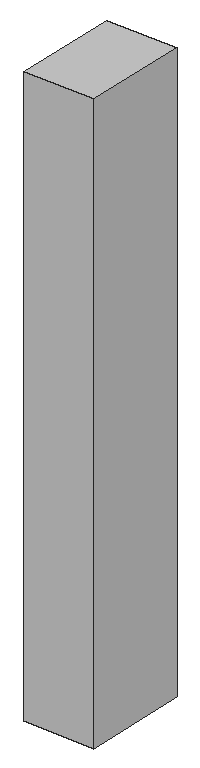
Revit family "6a4874a19c3c45dfa9ed6efb848b7eec", category Несущие колонны, Revit 2026
Family settings
  Скрытие кромок = Другими элементами
  Форма сечения = Не задано
  Материал для поведения модели = Бетон
  Всегда экспортировать в виде геометрии = Нет
  Сокращение балок на планах = По ограничивающему прямоугольнику
  Поиск кода элемента = Concrete-Rectangular-Column-0000-CAN-ENU
  При загрузке вырезать с полостями = Нет
  Условное обозначение = Из семейства
  Общий = Нет
  Показывать семейство разрезанным на планах = Да
Parameters (values of type "300 x 450 мм")
  b = 300 mm
  h = 450 mm
  Structural Material [instance] = Бетон, монолитный, серый
Types (4, lengths in mm): name | b | h
  (no name) | 300 | 450
  300 x 450 мм | 300 | 450
  450 x 600 мм | 450 | 600
  600 x 750 мм | 600 | 750
Reference planes
  plane 1 "По центру (Вперед/Назад)": y = 0
  plane 2: z = 0
  plane 3 "По центру (Влево/Вправо)": x = 0
  plane 4: x = -150
  plane 5: x = 150
  plane 6: y = 225
  plane 7: y = -225
Forms (mm)
  Extrusion 1, solid, material "Бетон, монолитный, серый" <- "Structural Material"
    sketch origin (0, 0, 0) x (1, 0, 0) y (0, 1, 0)
      loop
        line (-150, 225) -> (-150, -225) -> (150, -225) -> (150, 225) -> (-150, 225)
    from 0 to 2500
Dimensions and locks
  equal spacing: plane 4, plane 3 "По центру (Влево/Вправо)", plane 5
  equal spacing: plane 7, plane 1 "По центру (Вперед/Назад)", plane 6
  "h": plane 7 to plane 6
  "b": plane 4 to plane 5
  aligned and locked: plane 6 to Extrusion 1 sketch curve
  aligned and locked: Extrusion 1 sketch curve to plane 7
  aligned and locked: Extrusion 1 sketch curve to plane 4
  aligned and locked: plane 5 to Extrusion 1 sketch curve
  aligned and locked: level to Extrusion 1
  aligned and locked: level to plane 2
  aligned and locked: Extrusion 1 to plane 2
